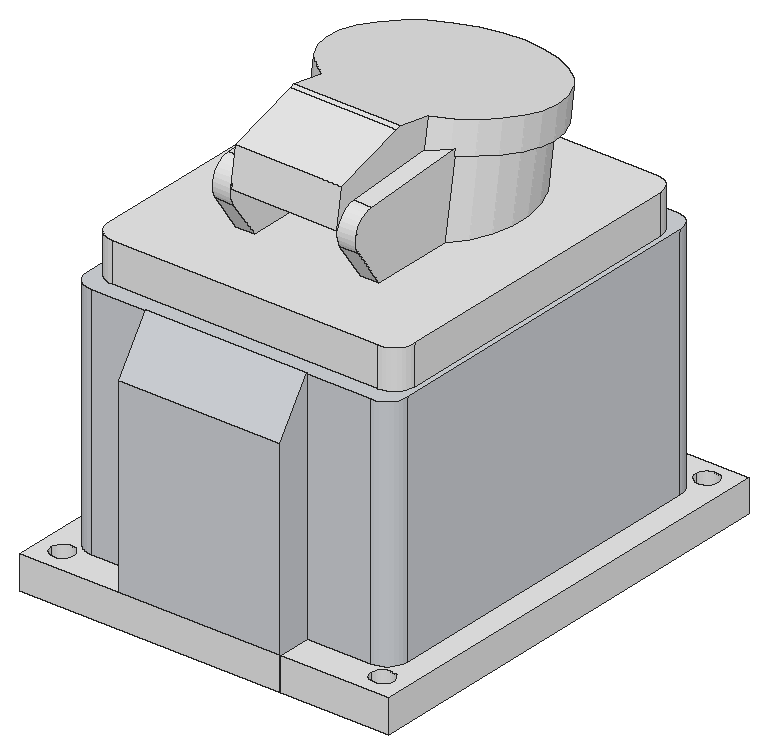
Revit family "Building-IEC309Connections-GEWISS-IEC309HP-10°_SURFACE-MOUNT_SOCKET_16A_IP44", category Apparecchi elettrici, host Superficie, Revit 2019
Family settings
  Host = Superficie
  Mantenere orientamento annotazione = Sì
  Quota connettore circolare = Usa diametro
  Tipo di parte = Normale
  Taglio con vuoti quando caricato = No
  Condiviso = Sì
  Punto di calcolo locali = Sì
Parameters (values of type "GW62411 - IP44 10°W.RECEPTACLE 3P+N+T 16A 500V 7H")
  simbolo acceso [instance] = yes
  distanza_simbolo [instance] = 1 mm
  distanza dal piano [instance] = 0 mm
  W = 115 mm  # constant formula
  Version file RFA = "21.11"
  URL = "https://www.gewiss.com/ww/en"
  Typology = "10° angled surface-mounting socket-outlet"
  Type of wiring = "With screw"
  Total number of operations = "-5000"
  Thermo-pressure with ball = "125 °C (active parts) - 80 °C (passive parts)"
  Terminal tightening capacity = "1-2.5mm² flexible cables - 1.5-4mm² rigid cables"
  Technical sheet = "https://www.gewiss.com/ww/en/search?q=GW62411"
  Spostamento_effettivo_S [instance] = 4000 mm - Spostamento_S  # 3045 mm
  Spostamento_S = 955 mm
  Sportello_visibile = yes
  Shock resistance = "IK08"
  SPinotto = Default(2)
  SEO = "Socket outlet"
  Reference h = "7"
  Realized by GEWISS S.p.A. = ""
  Rated voltage = "480-500V"
  Rated current (A) = "16"
  Prospetto di default = 500 mm
  Produttore = "GEWISS S.p.A."
  Product in stock = ""
  Piastra = Default(2)
  Permissible overload = "22A"
  Operating temperature: = "-25 +55 °C"
  No. of poles = "3P+N+E"
  Model = "GW62411"
  L = 155 mm  # constant formula
  Insulation resistance = "- 10 M?"
  Immagine tipo = (empty or 0)
  IP degree = "IP44"
  IDT = "4994872c73b647d6b63d7e176105fff7"
  IDF = "3e295d74-338a-4312-b8a9-e00a704bd311"
  Glow wire test: = "850 °C (active parts) - 650 °C (passive parts)"
  Frequency = "50/60 Hz"
  FORMULA = 1000 mm * 1  # 1000 mm
  Electrocod = "2210"
  Description = "IP44 10°W.RECEPTACLE 3P+N+T 16A 500V 7H"
  Corpo centrale = Default(2)
  Colour: = "Black"
  Catalogue = "BUILDING"
  COBie.Tagnumber = ""
  COBie.CreatedOn = ""
  COBie.CreatebBy = ""
  COBie.ComponentRegisterItemID = ""
  COBie.Component.TagNumber = ""
  COBie.Component.Space = ""
  COBie.Component.SerialNumber = ""
  COBie.Component.InstallationDate = ""
  COBie.Component.Description = ""
  COBie.Component.BarCode = ""
  Breaking capacity at 1.1 Un = "20A"
  BLOCCO = "B=C"
Types (11, lengths in mm): name | Technical sheet | Reference h | Rated voltage | No. of poles | Model | IDT | Description | Colour:
  GW62401 - IP44 10°W.RECEPTACLE 2P+E 16A 110V 4H | "https://www.gewiss.com/ww/en/search?q=GW62401" | "4" | "100-130V" | "2P+E" | "GW62401" | "86208a5794e94e45a0468e3bd109d276" | "IP44 10°W.RECEPTACLE 2P+E 16A 110V 4H" | "Yellow"
  GW62402 - IP44 10°W.RECEPTACLE 3P+E 16A 110V 4H | "https://www.gewiss.com/ww/en/search?q=GW62402" | "4" | "100-130V" | "3P+E" | "GW62402" | "c0e2a9c9053f4e84af5a04eb8d4a2c8f" | "IP44 10°W.RECEPTACLE 3P+E 16A 110V 4H" | "Yellow"
  GW62403 - IP44 10°W.RECEPTACLE 3P+N+T 16A 110V 4H | "https://www.gewiss.com/ww/en/search?q=GW62403" | "4" | "100-130V" | "3P+N+E" | "GW62403" | "8e9e4aadc91c423ca6ceccfcf7413ab7" | "IP44 10°W.RECEPTACLE 3P+N+T 16A 110V 4H" | "Yellow"
  GW62404 - IP44 10°W.RECEPTACLE 2P+E 16A 230V 6H | "https://www.gewiss.com/ww/en/search?q=GW62404" | "6" | "200-250V" | "2P+E" | "GW62404" | "31fff9859b0b4673b483d534e0512733" | "IP44 10°W.RECEPTACLE 2P+E 16A 230V 6H" | "Blue"
  GW62405 - IP44 10°W.RECEPTACLE 3P+E 16A 230V 9H | "https://www.gewiss.com/ww/en/search?q=GW62405" | "9" | "200-250V" | "3P+E" | "GW62405" | "237f3949ff2f4600bcab06e1501f1031" | "IP44 10°W.RECEPTACLE 3P+E 16A 230V 9H" | "Blue"
  GW62406 - IP44 10°W.RECEPTACLE 3P+N+T 16A 230V 9H | "https://www.gewiss.com/ww/en/search?q=GW62406" | "9" | "200-250V" | "3P+N+E" | "GW62406" | "8a1674b136974a89907e8411e43c87d4" | "IP44 10°W.RECEPTACLE 3P+N+T 16A 230V 9H" | "Blue"
  GW62407 - IP44 10°W.RECEPTACLE 2P+E 16A 400V 9H | "https://www.gewiss.com/ww/en/search?q=GW62407" | "9" | "380-415V" | "2P+E" | "GW62407" | "11ee939fb2864e099107bfe0e2055174" | "IP44 10°W.RECEPTACLE 2P+E 16A 400V 9H" | "Red"
  GW62408 - IP44 10°W.RECEPTACLE 3P+E 16A 400V 6H | "https://www.gewiss.com/ww/en/search?q=GW62408" | "6" | "380-415V" | "3P+E" | "GW62408" | "9aedd314a0e34737a79632861d7dfd17" | "IP44 10°W.RECEPTACLE 3P+E 16A 400V 6H" | "Red"
  GW62409 - IP44 10°W.RECEPTACLE 3P+N+T 16A 400V 6H | "https://www.gewiss.com/ww/en/search?q=GW62409" | "6" | "380-415V" | "3P+N+E" | "GW62409" | "7569dded3ef94b87895b7e0d1793845f" | "IP44 10°W.RECEPTACLE 3P+N+T 16A 400V 6H" | "Red"
  GW62410 - IP44 10°W.RECEPTACLE 3P+E 16A 500V 7H | "https://www.gewiss.com/ww/en/search?q=GW62410" | "7" | "480-500V" | "3P+E" | "GW62410" | "5e119e22496844af820952af63a865de" | "IP44 10°W.RECEPTACLE 3P+E 16A 500V 7H" | "Black"
  GW62411 - IP44 10°W.RECEPTACLE 3P+N+T 16A 500V 7H | "https://www.gewiss.com/ww/en/search?q=GW62411" | "7" | "480-500V" | "3P+N+E" | "GW62411" | "4994872c73b647d6b63d7e176105fff7" | "IP44 10°W.RECEPTACLE 3P+N+T 16A 500V 7H" | "Black"
Reference planes
  plane 1 "Centro (Fronte/Retro)": y = 0
  plane 2: z = 0
  plane 3 "Centro (Sinistra/Destra)": x = 0
  plane 4: x = -3000
  plane 5: x = 45
  plane 6: z = 0
Dimensions and locks
  plane 4 to plane 3 "Centro (Sinistra/Destra)" = 3000 mm
  "Spostamento_effettivo_S": plane 4 to plane 5
  "distanza dal piano": plane 6 to plane 2
  aligned and locked: plane 2 to host face
  aligned and locked: level to host face
  aligned and locked: plane 3 "Centro (Sinistra/Destra)" to nested 1
  aligned and locked: plane 1 "Centro (Fronte/Retro)" to nested 1
  aligned and locked: nested 2 to plane 5
Automatic sketch dimensions
  host sketch curve to host sketch curve = 2438.4 mm  (x2)
Nested families
  nested 1: "IEC309 PRESE FISSE INCASSO 10' 125A IP66-67_BASE" at (0, 0, 0), type "IEC309 PRESE FISSE INCASSO 10' 125A IP66-67_BASE"
  nested 2: "GWGW62201FH - SIMBOLO_PRESA" at (45, 171.559, 0), visible <- "simbolo acceso", Distanza dal muro <- "distanza_simbolo", type "3P"
    with SIMBOLO ACCESO yes, Distanza dal muro 1 mm
  nested 3: "dett_PRESA" at (0, 0, 0), type "dett_PRESA"
Connectors
  electrical at (37.5, 30, 0)
    settings: on nested 1, index 1, voltage 0 V, apparent load 0 VA, apparent load phase1 0 VA, apparent load phase2 0 VA, apparent load phase3 0 VA, power factor 1, load classification "Altro", number of poles 1, system type 31, power factor state 1, is connector primary yes, connector utility no, sub classification motor no, connector description ""
Definition of nested family "IEC309 PRESE FISSE INCASSO 10' 125A IP66-67_BASE"
  Parameters (values of type "IEC309 PRESE FISSE INCASSO 10' 125A IP66-67_BASE")
    sp_ghiera = 16 mm
    r2 = 39 mm
    h = 110 mm  # constant formula
    dis_base = 71 mm
    Sportello = yes
    Spinotto = none
    R1 = 42 mm
    PIASTRA = none
    Lunghezza totale = 140 mm
    CENTRALE = none
    Bsae = 90 mm  # constant formula
  Reference planes
    plane 1 "Centro (Fronte/Retro)": y = 0
    plane 2: z = 0
    plane 3 "Centro (Sinistra/Destra)": x = 0
    plane 4: x = 90
    plane 5: y = 110
    plane 6: x = 45
    plane 7: y = 104.875
    plane 8: y = 5.75
    plane 9: x = 5.75
    plane 10: x = 84
    plane 11: z = 8
    plane 12: y = 101.673
    plane 13: y = 8.334
    plane 14: z = 66
    plane 15: x = 7.498
    plane 16: y = 97.488
    plane 17: x = 82.498
    plane 18: y = 12.508
    plane 19: z = 75.463
    plane 20: x = 27.511
    plane 21: x = 32.023
    plane 22: x = 62.489
    plane 23: x = 57.977
  Forms (mm)
    Extrusion 1, solid, material <- "PIASTRA"
      sketch origin (0, 0, 0) x (1, 0, 0) y (0, 1, 0)
        loop
          line (0, 110) -> (0, 0) -> (90, 0) -> (90, 110) -> (0, 110)
      from 0 to 8
    Extrusion 2, void
      sketch origin (0, 0, 0) x (1, 0, 0) y (0, 1, 0)
        loop
          circle (5.75, 104.875) r 2.8
        loop
          circle (84, 104.875) r 2.8
        loop
          circle (5.75, 5.75) r 2.8
        loop
          circle (84, 5.75) r 2.8
      from 0 to 8
    Extrusion 3, solid
      sketch origin (0, 0, 0) x (1, 0, 0) y (0, 1, 0)
        loop
          line (5.75, 96.673) -> (5.75, 13.334)
          arc (5.75, 13.334) -> (7.214, 9.799) -> (10.75, 8.334) r 5
          line (10.75, 8.334) -> (79, 8.334)
          arc (79, 8.334) -> (82.536, 9.799) -> (84, 13.334) r 5
          line (84, 13.334) -> (84, 96.673)
          arc (84, 96.673) -> (82.536, 100.208) -> (79, 101.673) r 5
          line (79, 101.673) -> (10.75, 101.673)
          arc (10.75, 101.673) -> (7.214, 100.208) -> (5.75, 96.673) r 5
      from 8 to 66
    Extrusion 4, solid, material <- "PIASTRA"
      sketch origin (0, 0, 0) x (1, 0, 0) y (0, 1, 0)
        loop
          arc (12.498, 97.488) -> (8.962, 96.024) -> (7.498, 92.488) r 5
          line (7.498, 92.488) -> (7.498, 17.508)
          arc (7.498, 17.508) -> (8.962, 13.972) -> (12.498, 12.508) r 5
          line (12.498, 12.508) -> (77.498, 12.508)
          arc (77.498, 12.508) -> (81.033, 13.972) -> (82.498, 17.508) r 5
          line (82.498, 17.508) -> (82.498, 92.488)
          arc (82.498, 92.488) -> (81.033, 96.024) -> (77.498, 97.488) r 5
          line (77.498, 97.488) -> (12.498, 97.488)
      from 66 to 75.463
    Extrusion 5, solid
      sketch origin (0, 0, 0) x (0, 1, 0) y (0, 0, 1)
        loop
          line (0, 0) -> (8.334, 0) -> (8.334, 66.241) -> (0, 54.405) -> (0, 0)
      from 24.059 to 63.428
    Extrusion 6, solid
      sketch origin (0, 110, 0) x (0, -1, 0) y (0, 0, -1)
        loop
          line (0, 0) -> (0, -54.405) -> (8.334, -66.241) -> (8.334, 0) -> (0, 0)
      from 24.059 to 63.428
    Sweep 7, solid, material <- "PIASTRA"
      path origin (0, 0, 0) x (0, 1, 0) y (0, 0, 1)
        loop
          line (73.263, 97.736) -> (71.948, 90.281)
      profile origin (0, 72.606, 94.008) x (0, 0.984808, -0.173648) y (1, 0, 0)
        loop
          circle (0, 45) r 25
    Extrusion 8, solid, material <- "PIASTRA"
      sketch origin (0, 0, 0) x (0, 1, 0) y (0, 0, 1)
        loop
          line (25.806, 97.501) -> (24.369, 88.419)
          arc (24.369, 88.419) -> (26.054, 91.556) -> (29.326, 92.962) r 5.4
          line (29.326, 92.962) -> (51.956, 94.556) -> (53.142, 101.284) -> (43.676, 102.953)
          arc (43.676, 102.953) -> (43.104, 102.789) -> (42.534, 102.618) r 55
          line (42.534, 102.618) -> (25.806, 97.501)
      from 32.023 to 57.977
    Extrusion 9, solid, material <- "PIASTRA"
      sketch origin (0, 0, 0) x (0, 1, 0) y (0, 0, 1)
        loop
          line (55.25, 94.789) -> (29.326, 92.962)
          arc (29.326, 92.962) -> (24.829, 89.9) -> (25.28, 84.478) r 5.4
          line (25.28, 84.478) -> (31.592, 75.463) -> (51.843, 75.463) -> (55.25, 94.789)
      from 27.511 to 32.023
    Sweep 10, solid, material <- "PIASTRA"
      path origin (0, -2.627, 0.463) x (0, 1, 0) y (0, 0, 1)
        loop
          line (72.741, 90.141) -> (68.824, 67.926)
      profile origin (0, 68.156, 79.497) x (0, 0.984808, -0.173648) y (1, 0, 0)
        loop
          circle (0, 45) r 23.5
    Extrusion 11, solid, material <- "PIASTRA"
      sketch origin (90, 0, 0) x (0, 1, 0) y (0, 0, -1)
        loop
          line (55.25, -94.789) -> (51.843, -75.463) -> (31.592, -75.463) -> (25.28, -84.478)
          arc (25.28, -84.478) -> (24.829, -89.9) -> (29.326, -92.962) r 5.4
          line (29.326, -92.962) -> (55.25, -94.789)
      from 27.511 to 32.023
  Cuts and joins
    Extrusion 2 cuts Extrusion 1
    joined: Extrusion 4, Sweep 7, Extrusion 8, Extrusion 9, Sweep 10, Extrusion 11
  Dimensions and locks
    plane 3 "Centro (Sinistra/Destra)" to plane 4 = 90 mm
    plane 1 "Centro (Fronte/Retro)" to plane 5 = 110 mm
    equal spacing: plane 3 "Centro (Sinistra/Destra)", plane 6, plane 4
    locked: plane 3 "Centro (Sinistra/Destra)" to plane 9 at 5.75
    locked: plane 10 to plane 4 at 6
    locked: plane 1 "Centro (Fronte/Retro)" to plane 8 at 5.75
    locked: plane 5 to plane 7 at 5.125
    locked: plane 11 to level at 8
    "Bsae": plane 3 "Centro (Sinistra/Destra)" to plane 4
    "h": plane 1 "Centro (Fronte/Retro)" to plane 5
    locked: plane 12 to plane 7 at 3.202
    locked: plane 8 to plane 13 at 2.584
    locked: plane 14 to plane 11 at 58
    diameter of cut or joined group of Extrusion 1, Extrusion 2 = 5.6 mm
    radius of Extrusion 3 sketch curve = 5 mm  (x3)
    radius of Extrusion 4 sketch curve = 5 mm  (x3)
    radius of Sweep 10 sketch curve = 23.5 mm
    aligned and locked: level to plane 2
    aligned and locked: Extrusion 1 sketch curve to plane 3 "Centro (Sinistra/Destra)"
    aligned and locked: Extrusion 1 sketch curve to plane 5
    aligned and locked: Extrusion 1 sketch curve to plane 4
    aligned and locked: Extrusion 1 sketch curve to plane 1 "Centro (Fronte/Retro)"
    aligned and locked: plane 11 to Extrusion 1
    aligned and locked: plane 9 to Extrusion 2 sketch curve  (x2)
    aligned and locked: plane 7 to Extrusion 2 sketch curve  (x2)
    aligned and locked: plane 10 to Extrusion 2 sketch curve  (x2)
    aligned and locked: plane 8 to Extrusion 2 sketch curve  (x2)
    aligned and locked: cut or joined group of Extrusion 1, Extrusion 2 to level
    aligned and locked: Extrusion 1 to Extrusion 2
    aligned and locked: Extrusion 3 sketch curve to plane 9
    aligned and locked: Extrusion 3 sketch curve to plane 10
    aligned and locked: Extrusion 3 sketch curve to plane 13
    aligned and locked: plane 12 to Extrusion 3 sketch curve
    aligned and locked: plane 14 to Extrusion 3
    aligned and locked: Extrusion 3 to plane 11
    aligned and locked: Extrusion 4 sketch curve to plane 16
    aligned and locked: Extrusion 4 sketch curve to plane 15
    aligned and locked: Extrusion 4 sketch curve to plane 17
    aligned and locked: Extrusion 4 sketch curve to plane 18
    aligned and locked: Extrusion 4 to plane 14
    aligned and locked: Extrusion 5 sketch curve to plane 1 "Centro (Fronte/Retro)"
    aligned and locked: Extrusion 5 sketch curve to plane 13
    aligned and locked: Extrusion 4 to plane 19
    aligned and locked: plane 6 to Sweep 7 sketch curve
    aligned and locked: Extrusion 9 sketch curve to plane 19
    aligned and locked: Extrusion 9 to plane 20
    aligned and locked: plane 21 to Extrusion 9
    aligned and locked: plane 6 to Sweep 10 sketch curve
    aligned and locked: cut or joined group of Extrusion 4, Sweep 7, Extrusion 8, Extrusion 9, Sweep 10, Extrusion 11 to plane 23
    aligned and locked: Extrusion 11 to plane 23
    aligned and locked: Extrusion 11 to plane 22
  Automatic sketch dimensions
    plane 15 to Extrusion 3 sketch curve = 3.252 mm
    plane 15 to Extrusion 4 sketch curve = 5 mm
    Extrusion 5 sketch curve to level = 0 mm
    Extrusion 5 sketch curve to plane 14 = 11.595 mm
    plane 14 to Extrusion 5 sketch curve = 0.241 mm
    Extrusion 6 sketch curve to plane 5 = 0 mm
    Extrusion 6 sketch curve to level = 0 mm
    Extrusion 6 sketch curve to plane 12 = 0.007 mm
    plane 14 to Extrusion 6 sketch curve = 11.595 mm
    Extrusion 6 sketch curve to plane 14 = 0.241 mm
    Sweep 7 sketch curve to plane 16 = 25.54 mm
    Sweep 7 sketch curve to plane 19 = 14.817 mm
    Sweep 7 sketch curve to Sweep 7 sketch curve = 1.315 mm
    Sweep 7 sketch curve to Sweep 7 sketch curve = 7.456 mm
    Sweep 7 sketch curve to profile plane = 0 mm
    Extrusion 8 sketch curve to plane 18 = 13.298 mm
    Extrusion 8 sketch curve to Extrusion 8 sketch curve = 3.521 mm
    Extrusion 8 sketch curve to Extrusion 8 sketch curve = 0.377 mm
    Extrusion 8 sketch curve to Extrusion 8 sketch curve = 14.349 mm
    Extrusion 8 sketch curve to plane 19 = 19.093 mm
    Extrusion 8 sketch curve to Extrusion 8 sketch curve = 8.28 mm
    Extrusion 8 sketch curve to Extrusion 8 sketch curve = 1.186 mm
    Extrusion 8 sketch curve to plane 14 = 15.977 mm
    Extrusion 8 sketch curve to plane 16 = 38.866 mm
    Extrusion 8 sketch curve to plane 19 = 12.112 mm
    Extrusion 8 sketch curve to Extrusion 8 sketch curve = 5.387 mm
    Extrusion 8 sketch curve to Extrusion 8 sketch curve = 4.539 mm
    Extrusion 8 sketch curve to Extrusion 8 sketch curve = 6.728 mm
    Extrusion 8 sketch curve to Extrusion 8 sketch curve = 1.669 mm
    Extrusion 8 sketch curve to Extrusion 8 sketch curve = 5.334 mm
    Extrusion 8 sketch curve to Extrusion 8 sketch curve = 0 mm  (x4)
    Extrusion 8 sketch curve to Extrusion 8 sketch curve = 1.142 mm
    Extrusion 9 sketch curve to plane 18 = 12.772 mm
    Extrusion 9 sketch curve to Extrusion 9 sketch curve = 4.047 mm
    Extrusion 9 sketch curve to Extrusion 9 sketch curve = 0.377 mm
    Extrusion 9 sketch curve to Extrusion 9 sketch curve = 6.312 mm
    Extrusion 9 sketch curve to Extrusion 9 sketch curve = 20.251 mm
    Extrusion 9 sketch curve to Extrusion 9 sketch curve = 25.924 mm
    Extrusion 9 sketch curve to plane 19 = 9.015 mm
    Extrusion 9 sketch curve to Extrusion 9 sketch curve = 3.097 mm
    Extrusion 9 sketch curve to Extrusion 9 sketch curve = 1.826 mm
    plane 14 to Sweep 10 sketch curve = 2.39 mm
    Sweep 10 sketch curve to plane 16 = 31.291 mm
    Sweep 10 sketch curve to Sweep 10 sketch curve = 3.917 mm
    Sweep 10 sketch curve to plane 19 = 15.141 mm
    Sweep 10 sketch curve to profile plane = 0 mm
    plane 19 to Extrusion 11 sketch curve = 0 mm
    Extrusion 11 sketch curve to plane 18 = 12.772 mm
    Extrusion 11 sketch curve to Extrusion 11 sketch curve = 4.047 mm
    Extrusion 11 sketch curve to Extrusion 11 sketch curve = 4.423 mm
    Extrusion 11 sketch curve to Extrusion 11 sketch curve = 6.312 mm
    Extrusion 11 sketch curve to Extrusion 11 sketch curve = 20.251 mm
    Extrusion 11 sketch curve to Extrusion 11 sketch curve = 25.924 mm
    Extrusion 11 sketch curve to plane 19 = 9.015 mm
    Extrusion 11 sketch curve to Extrusion 11 sketch curve = 3.097 mm
    Extrusion 11 sketch curve to Extrusion 11 sketch curve = 1.826 mm
    radius of Extrusion 2 sketch curve = 2.8 mm  (x4)
    radius of Sweep 7 sketch curve = 25 mm
Definition of nested family "GWGW62201FH - SIMBOLO_PRESA"
  Parameters (values of type "3P")
    SIMBOLO ACCESO [instance] = yes
    Distanza dal muro [instance] = 0 mm
  Reference planes
    plane 1: y = 0
    plane 2: x = 0
  Dimensions and locks
    "Distanza dal muro": plane 1 to nested 1
    aligned and locked: plane 2 to nested 1
  Nested families
    nested 1: "GWGW62201FH - SIMBOLO" at (0, 0, 0), visible <- "SIMBOLO ACCESO", type "3P"
  Definition of nested family "GWGW62201FH - SIMBOLO"
    Parameters (values of type "3P")
      CORNICE SIMBOLO [instance] = yes
      3P = yes
    Reference planes
      plane 1: y = 0
      plane 2: x = 0
    Lines and regions (mm)
      detail lines
        curve 1: circle (-0.314, 0.674, 0) r 0.057 normal (0, 0, 1)
        curve 2: arc (0.346, -0.009, 0) -> (0, 0.337, 0) -> (-0.346, -0.009, 0) r 0.346
        curve 3: line (0, 0.337, 0) -> (0.346, 0.337, 0)
        curve 4: line (0, 3.386, 0) -> (0, 0.337, 0)
        curve 5: line (0, 0.337, 0) -> (-0.314, 0.674, 0)
Definition of nested family "dett_PRESA"
  Reference planes
    plane 1 "Centro (Fronte/Retro)": y = 0
    plane 2: z = 0
    plane 3 "Centro (Sinistra/Destra)": x = 0
  Lines and regions (mm)
    model lines, in view "Livello rif."
      curve 1: arc (61.498, 61.665, 0) -> (44.998, 67.722, 0) -> (28.498, 61.665, 0) r 25.502
      curve 2: spline (28.472, 62.844, 0) -> (27.012, 61.491, 0) -> (25.665, 60.027, 0) -> (24.441, 58.464, 0) -> (23.348, 56.809, 0) -> (22.391, 55.074, 0) -> (21.577, 53.269, 0) -> (20.912, 51.407, 0) -> (20.399, 49.498, 0) -> (20.042, 47.555, 0) -> (19.843, 45.59, 0) -> (19.803, 43.616, 0) -> (19.922, 41.645, 0)
      curve 3: spline (70.073, 41.643, 0) -> (70.193, 43.614, 0) -> (70.153, 45.589, 0) -> (69.954, 47.554, 0) -> (69.596, 49.497, 0) -> (69.084, 51.405, 0) -> (68.418, 53.268, 0) -> (67.605, 55.073, 0) -> (66.648, 56.808, 0) -> (65.554, 58.463, 0) -> (64.33, 60.027, 0) -> (62.984, 61.49, 0) -> (61.524, 62.844, 0)
      curve 4: spline (29.494, 84.757, 0) -> (29.364, 84.748, 0) -> (29.236, 84.722, 0) -> (29.112, 84.679, 0) -> (28.995, 84.62, 0) -> (28.887, 84.546, 0) -> (28.789, 84.458, 0) -> (28.703, 84.357, 0) -> (28.631, 84.246, 0) -> (28.573, 84.126, 0) -> (28.531, 83.999, 0) -> (28.506, 83.868, 0) -> (28.498, 83.735, 0)
      curve 5: line (28.876, 69.625, 0) -> (28.587, 69.709, 0)
      curve 6: line (28.979, 69.618, 0) -> (28.587, 69.709, 0)
      curve 7: line (61.018, 69.624, 0) -> (28.979, 69.618, 0)
      curve 8: line (61.121, 69.63, 0) -> (61.409, 69.714, 0)
      curve 9: line (61.018, 69.624, 0) -> (61.409, 69.714, 0)
      curve 10: spline (61.498, 83.735, 0) -> (61.489, 83.868, 0) -> (61.464, 84, 0) -> (61.422, 84.126, 0) -> (61.364, 84.246, 0) -> (61.292, 84.357, 0) -> (61.206, 84.458, 0) -> (61.108, 84.546, 0) -> (60.999, 84.62, 0) -> (60.882, 84.679, 0) -> (60.759, 84.722, 0) -> (60.631, 84.748, 0) -> (60.501, 84.757, 0)
      curve 11: spline (64.653, 42.492, 0) -> (63.983, 47.502, 0) -> (62.019, 52.17, 0) -> (58.896, 56.179, 0) -> (54.825, 59.255, 0) -> (50.085, 61.189, 0) -> (44.998, 61.849, 0) -> (39.91, 61.189, 0) -> (35.17, 59.255, 0) -> (31.099, 56.179, 0) -> (27.976, 52.17, 0) -> (26.012, 47.502, 0) -> (25.342, 42.492, 0) -> (26.012, 37.482, 0) -> (27.976, 32.814, 0) -> (31.099, 28.805, 0) -> (35.17, 25.729, 0) -> (39.91, 23.795, 0) -> (44.998, 23.136, 0) -> (50.085, 23.795, 0) -> (54.825, 25.729, 0) -> (58.896, 28.805, 0) -> (62.019, 32.814, 0) -> (63.983, 37.482, 0) -> (64.653, 42.492, 0)
      curve 12: arc (20.049, 40.392, 0) -> (21.05, 35.597, 0) -> (22.987, 31.099, 0) r 24.445
      curve 13: arc (22.986, 31.098, 0) -> (25.45, 27.464, 0) -> (28.516, 24.321, 0) r 24.781
      curve 14: arc (28.639, 24.166, 0) -> (28.807, 23.841, 0) -> (28.981, 23.52, 0) r 16.754
      curve 15: line (61.015, 23.522, 0) -> (28.981, 23.52, 0)
      curve 16: arc (61.015, 23.522, 0) -> (61.191, 23.845, 0) -> (61.359, 24.172, 0) r 16.754
      curve 17: arc (61.476, 24.318, 0) -> (61.411, 24.251, 0) -> (61.359, 24.172, 0) r 0.504
      curve 18: spline (61.476, 24.318, 0) -> (62.628, 25.372, 0) -> (63.712, 26.495, 0) -> (64.721, 27.682, 0) -> (65.653, 28.929, 0) -> (66.505, 30.232, 0) -> (67.271, 31.584, 0) -> (67.95, 32.981, 0) -> (68.539, 34.418, 0) -> (69.035, 35.887, 0) -> (69.437, 37.385, 0) -> (69.743, 38.904, 0) -> (69.951, 40.44, 0)
      curve 19: arc (28.17, 65.632, 0) -> (28.412, 65.967, 0) -> (28.498, 66.372, 0) r 0.999
      curve 20: spline (28.17, 65.632, 0) -> (26.951, 64.427, 0) -> (25.816, 63.141, 0) -> (24.77, 61.779, 0) -> (23.817, 60.348, 0) -> (22.963, 58.854, 0) -> (22.21, 57.304, 0) -> (21.564, 55.706, 0) -> (21.025, 54.067, 0) -> (20.598, 52.394, 0) -> (20.284, 50.695, 0) -> (20.085, 48.978, 0) -> (20.001, 47.252, 0)
      curve 21: spline (69.995, 47.252, 0) -> (69.91, 48.98, 0) -> (69.71, 50.698, 0) -> (69.396, 52.398, 0) -> (68.968, 54.072, 0) -> (68.429, 55.713, 0) -> (67.781, 57.312, 0) -> (67.028, 58.862, 0) -> (66.172, 60.357, 0) -> (65.218, 61.789, 0) -> (64.171, 63.152, 0) -> (63.034, 64.438, 0) -> (61.813, 65.643, 0)
      curve 22: arc (61.498, 66.372, 0) -> (61.58, 65.975, 0) -> (61.813, 65.643, 0) r 0.999
      curve 23: line (61.498, 61.665, 0) -> (61.498, 68.351, 0)
      curve 24: line (61.498, 68.351, 0) -> (61.498, 80.428, 0)
      curve 25: line (61.498, 80.276, 0) -> (61.498, 80.569, 0)
      curve 26: line (61.498, 80.569, 0) -> (61.498, 80.795, 0)
      curve 27: line (28.498, 83.735, 0) -> (28.498, 68.351, 0)
      curve 28: line (28.498, 68.351, 0) -> (28.498, 61.665, 0)
      curve 29: line (29.494, 84.757, 0) -> (32.148, 84.757, 0)
      curve 30: line (32.148, 84.757, 0) -> (32.657, 84.757, 0)
      curve 31: line (32.657, 84.757, 0) -> (57.339, 84.757, 0)
      curve 32: line (57.339, 84.757, 0) -> (57.848, 84.757, 0)
      curve 33: line (57.848, 84.757, 0) -> (60.501, 84.757, 0)
      curve 34: line (61.498, 82.213, 0) -> (61.498, 82.398, 0)
      curve 35: line (61.498, 82.398, 0) -> (61.498, 82.213, 0)
      curve 36: line (61.498, 82.213, 0) -> (61.498, 81.899, 0)
      curve 37: line (61.498, 81.899, 0) -> (61.498, 81.627, 0)
      curve 38: line (61.498, 81.476, 0) -> (61.498, 81.192, 0)
      curve 39: line (61.498, 81.192, 0) -> (61.498, 80.975, 0)
      curve 40: line (61.498, 80.975, 0) -> (61.498, 80.697, 0)
      curve 41: line (61.498, 80.657, 0) -> (61.498, 83.228, 0)
      curve 42: line (61.498, 83.228, 0) -> (61.498, 83.735, 0)
      curve 43: line (20.049, 40.392, 0) -> (19.922, 41.645, 0)
      curve 44: line (61.498, 81.281, 0) -> (61.498, 81.108, 0)
      curve 45: arc (74.574, 12.532, 0) -> (80.179, 14.903, 0) -> (82.494, 20.531, 0) r 8
      curve 46: arc (7.494, 20.531, 0) -> (9.81, 14.902, 0) -> (15.416, 12.532, 0) r 8
      curve 47: circle (74.998, 85.179, 0) r 2.09 normal (0, 0, 1)
      curve 48: circle (14.998, 85.179, 0) r 2.072 normal (0, 0, 1)
      curve 49: circle (14.998, 25.171, 0) r 2.068 normal (0, 0, 1)
      curve 50: circle (74.997, 25.171, 0) r 2.075 normal (0, 0, 1)
      curve 51: line (59.998, 32.071, 0) -> (59.498, 31.571, 0)
      curve 52: spline (30.498, 31.571, 0) -> (32.868, 31.466, 0) -> (35.264, 31.379, 0) -> (37.679, 31.312, 0) -> (40.11, 31.264, 0) -> (42.551, 31.235, 0) -> (44.998, 31.225, 0) -> (47.444, 31.235, 0) -> (49.885, 31.264, 0) -> (52.316, 31.312, 0) -> (54.731, 31.379, 0) -> (57.127, 31.466, 0) -> (59.498, 31.571, 0)
      curve 53: line (30.498, 31.571, 0) -> (29.998, 32.071, 0)
      curve 54: spline (59.498, 31.582, 0) -> (59.563, 31.589, 0) -> (59.627, 31.603, 0) -> (59.689, 31.626, 0) -> (59.748, 31.656, 0) -> (59.802, 31.693, 0) -> (59.851, 31.736, 0) -> (59.894, 31.785, 0) -> (59.931, 31.838, 0) -> (59.96, 31.895, 0) -> (59.981, 31.955, 0) -> (59.993, 32.017, 0) -> (59.998, 32.08, 0)
      curve 55: spline (29.998, 32.08, 0) -> (30.002, 32.017, 0) -> (30.015, 31.955, 0) -> (30.036, 31.895, 0) -> (30.065, 31.838, 0) -> (30.101, 31.785, 0) -> (30.144, 31.736, 0) -> (30.193, 31.693, 0) -> (30.248, 31.656, 0) -> (30.306, 31.626, 0) -> (30.368, 31.603, 0) -> (30.432, 31.589, 0) -> (30.498, 31.582, 0)
      curve 56: line (29.998, 52.752, 0) -> (30.493, 53.235, 0)
      curve 57: spline (30.493, 53.235, 0) -> (32.864, 53.13, 0) -> (35.26, 53.044, 0) -> (37.677, 52.976, 0) -> (40.109, 52.928, 0) -> (42.551, 52.899, 0) -> (44.998, 52.889, 0) -> (47.445, 52.899, 0) -> (49.886, 52.928, 0) -> (52.318, 52.976, 0) -> (54.735, 53.044, 0) -> (57.131, 53.13, 0) -> (59.502, 53.235, 0)
      curve 58: line (59.502, 53.235, 0) -> (59.998, 52.752, 0)
      curve 59: arc (15.498, 97.488, 0) -> (9.841, 95.145, 0) -> (7.498, 89.488, 0) r 8
      curve 60: line (66.439, 8.334, 0) -> (66.439, 0, 0)
      curve 61: line (34.35, 6.789, 0) -> (34.35, 1.545, 0)
      curve 62: line (34.35, 1.545, 0) -> (55.638, 1.545, 0)
      curve 63: line (55.638, 1.545, 0) -> (55.638, 6.789, 0)
      curve 64: line (55.638, 6.789, 0) -> (34.35, 6.789, 0)
      curve 65: line (23.549, 0, 0) -> (23.549, 8.334, 0)
      curve 66: line (8.433, 5.861, 0) -> (8.228, 6.995, 0)
      curve 67: line (8.228, 6.995, 0) -> (7.611, 7.923, 0)
      curve 68: line (7.611, 7.923, 0) -> (6.683, 8.54, 0)
      curve 69: line (6.683, 8.54, 0) -> (5.549, 8.745, 0)
      curve 70: line (5.549, 8.745, 0) -> (4.521, 8.54, 0)
      curve 71: line (4.521, 8.54, 0) -> (3.593, 7.923, 0)
      curve 72: line (3.593, 7.923, 0) -> (2.976, 6.995, 0)
      curve 73: line (2.976, 6.995, 0) -> (2.778, 5.861, 0)
      curve 74: line (2.778, 5.861, 0) -> (2.976, 4.833, 0)
      curve 75: line (2.976, 4.833, 0) -> (3.593, 3.912, 0)
      curve 76: line (3.593, 3.912, 0) -> (4.521, 3.295, 0)
      curve 77: line (4.521, 3.295, 0) -> (5.549, 3.083, 0)
      curve 78: line (5.549, 3.083, 0) -> (6.683, 3.295, 0)
      curve 79: line (6.683, 3.295, 0) -> (7.611, 3.912, 0)
      curve 80: line (7.611, 3.912, 0) -> (8.228, 4.833, 0)
      curve 81: line (8.228, 4.833, 0) -> (8.433, 5.861, 0)
      curve 82: line (87.217, 5.861, 0) -> (87.012, 4.833, 0)
      curve 83: line (87.012, 4.833, 0) -> (86.395, 3.912, 0)
      curve 84: line (86.395, 3.912, 0) -> (85.466, 3.295, 0)
      curve 85: line (85.466, 3.295, 0) -> (84.44, 3.083, 0)
      curve 86: line (84.44, 3.083, 0) -> (83.306, 3.295, 0)
      curve 87: line (83.306, 3.295, 0) -> (82.384, 3.912, 0)
      curve 88: line (82.384, 3.912, 0) -> (81.767, 4.833, 0)
      curve 89: line (81.767, 4.833, 0) -> (81.562, 5.861, 0)
      curve 90: line (81.562, 5.861, 0) -> (81.767, 6.995, 0)
      curve 91: line (81.767, 6.995, 0) -> (82.384, 7.923, 0)
      curve 92: line (82.384, 7.923, 0) -> (83.306, 8.54, 0)
      curve 93: line (83.306, 8.54, 0) -> (84.44, 8.745, 0)
      curve 94: line (84.44, 8.745, 0) -> (85.466, 8.54, 0)
      curve 95: line (85.466, 8.54, 0) -> (86.395, 7.923, 0)
      curve 96: line (86.395, 7.923, 0) -> (87.012, 6.995, 0)
      curve 97: line (87.012, 6.995, 0) -> (87.217, 5.861, 0)
      curve 98: line (85.261, 110, 0) -> (4.727, 110, 0)
      curve 99: line (4.727, 110, 0) -> (3.494, 109.901, 0)
      curve 100: line (3.494, 109.901, 0) -> (2.36, 109.383, 0)
      curve 101: line (2.36, 109.383, 0) -> (1.438, 108.668, 0)
      curve 102: line (1.438, 108.668, 0) -> (0.616, 107.64, 0)
      curve 103: line (0.616, 107.64, 0) -> (0.205, 106.506, 0)
      curve 104: line (0.205, 106.506, 0) -> (0, 105.273, 0)
      curve 105: line (0, 105.273, 0) -> (0, 4.734, 0)
      curve 106: line (0, 4.734, 0) -> (0.205, 3.494, 0)
      curve 107: line (0.205, 3.494, 0) -> (0.616, 2.367, 0)
      curve 108: line (0.616, 2.367, 0) -> (1.438, 1.439, 0)
      curve 109: line (1.438, 1.439, 0) -> (2.36, 0.617, 0)
      curve 110: line (2.36, 0.617, 0) -> (3.494, 0.206, 0)
      curve 111: line (3.494, 0.206, 0) -> (4.727, 0, 0)
      curve 112: line (4.727, 0, 0) -> (85.261, 0, 0)
      curve 113: line (85.261, 0, 0) -> (86.494, 0.206, 0)
      curve 114: line (86.494, 0.206, 0) -> (87.628, 0.617, 0)
      curve 115: line (87.628, 0.617, 0) -> (88.557, 1.439, 0)
      curve 116: line (88.557, 1.439, 0) -> (89.379, 2.367, 0)
      curve 117: line (89.379, 2.367, 0) -> (89.79, 3.494, 0)
      curve 118: line (89.79, 3.494, 0) -> (89.995, 4.734, 0)
      curve 119: line (89.995, 4.734, 0) -> (89.995, 105.273, 0)
      curve 120: line (89.995, 105.273, 0) -> (89.79, 106.506, 0)
      curve 121: line (89.79, 106.506, 0) -> (89.379, 107.64, 0)
      curve 122: line (89.379, 107.64, 0) -> (88.557, 108.668, 0)
      curve 123: line (88.557, 108.668, 0) -> (87.628, 109.383, 0)
      curve 124: line (87.628, 109.383, 0) -> (86.494, 109.901, 0)
      curve 125: line (86.494, 109.901, 0) -> (85.261, 110, 0)
      curve 126: line (66.439, 110, 0) -> (66.439, 101.673, 0)
      curve 127: line (23.549, 110, 0) -> (23.549, 101.673, 0)
      curve 128: line (8.433, 104.139, 0) -> (8.228, 103.005, 0)
      curve 129: line (8.228, 103.005, 0) -> (7.611, 102.182, 0)
      curve 130: line (7.611, 102.182, 0) -> (6.683, 101.566, 0)
      curve 131: line (6.683, 101.566, 0) -> (5.549, 101.261, 0)
      curve 132: line (5.549, 101.261, 0) -> (4.521, 101.566, 0)
      curve 133: line (4.521, 101.566, 0) -> (3.593, 102.182, 0)
      curve 134: line (3.593, 102.182, 0) -> (2.976, 103.005, 0)
      curve 135: line (2.976, 103.005, 0) -> (2.778, 104.139, 0)
      curve 136: line (2.778, 104.139, 0) -> (2.976, 105.273, 0)
      curve 137: line (2.976, 105.273, 0) -> (3.593, 106.194, 0)
      curve 138: line (3.593, 106.194, 0) -> (4.521, 106.81, 0)
      curve 139: line (4.521, 106.81, 0) -> (5.549, 107.015, 0)
      curve 140: line (5.549, 107.015, 0) -> (6.683, 106.81, 0)
      curve 141: line (6.683, 106.81, 0) -> (7.611, 106.194, 0)
      curve 142: line (7.611, 106.194, 0) -> (8.228, 105.273, 0)
      curve 143: line (8.228, 105.273, 0) -> (8.433, 104.139, 0)
      curve 144: line (6.518, 96.939, 0) -> (6.724, 98.172, 0)
      curve 145: line (6.724, 98.172, 0) -> (7.135, 99.306, 0)
      curve 146: line (7.135, 99.306, 0) -> (7.957, 100.333, 0)
      curve 147: line (7.957, 100.333, 0) -> (8.885, 101.056, 0)
      curve 148: line (8.885, 101.056, 0) -> (10.012, 101.566, 0)
      curve 149: line (10.012, 101.566, 0) -> (11.252, 101.673, 0)
      curve 150: line (11.252, 101.673, 0) -> (78.84, 101.673, 0)
      curve 151: line (78.84, 101.673, 0) -> (80.074, 101.566, 0)
      curve 152: line (80.074, 101.566, 0) -> (81.207, 101.056, 0)
      curve 153: line (81.207, 101.056, 0) -> (82.128, 100.333, 0)
      curve 154: line (82.128, 100.333, 0) -> (82.951, 99.306, 0)
      curve 155: line (82.951, 99.306, 0) -> (83.369, 98.172, 0)
      curve 156: line (83.369, 98.172, 0) -> (83.574, 96.939, 0)
      curve 157: line (83.574, 96.939, 0) -> (83.574, 13.061, 0)
      curve 158: line (83.574, 13.061, 0) -> (83.369, 11.828, 0)
      curve 159: line (83.369, 11.828, 0) -> (82.951, 10.701, 0)
      curve 160: line (82.951, 10.701, 0) -> (82.128, 9.666, 0)
      curve 161: line (82.128, 9.666, 0) -> (81.207, 8.951, 0)
      curve 162: line (81.207, 8.951, 0) -> (80.074, 8.433, 0)
      curve 163: line (80.074, 8.433, 0) -> (78.84, 8.334, 0)
      curve 164: line (78.84, 8.334, 0) -> (11.252, 8.334, 0)
      curve 165: line (11.252, 8.334, 0) -> (10.012, 8.433, 0)
      curve 166: line (10.012, 8.433, 0) -> (8.885, 8.951, 0)
      curve 167: line (8.885, 8.951, 0) -> (7.957, 9.666, 0)
      curve 168: line (7.957, 9.666, 0) -> (7.135, 10.701, 0)
      curve 169: line (7.135, 10.701, 0) -> (6.724, 11.828, 0)
      curve 170: line (6.724, 11.828, 0) -> (6.518, 13.061, 0)
      curve 171: line (6.518, 13.061, 0) -> (6.518, 96.939, 0)
      curve 172: line (87.217, 104.139, 0) -> (87.012, 105.273, 0)
      curve 173: line (87.012, 105.273, 0) -> (86.395, 106.194, 0)
      curve 174: line (86.395, 106.194, 0) -> (85.466, 106.81, 0)
      curve 175: line (85.466, 106.81, 0) -> (84.44, 107.015, 0)
      curve 176: line (84.44, 107.015, 0) -> (83.306, 106.81, 0)
      curve 177: line (83.306, 106.81, 0) -> (82.384, 106.194, 0)
      curve 178: line (82.384, 106.194, 0) -> (81.767, 105.273, 0)
      curve 179: line (81.767, 105.273, 0) -> (81.562, 104.139, 0)
      curve 180: line (81.562, 104.139, 0) -> (81.767, 103.005, 0)
      curve 181: line (81.767, 103.005, 0) -> (82.384, 102.182, 0)
      curve 182: line (82.384, 102.182, 0) -> (83.306, 101.566, 0)
      curve 183: line (83.306, 101.566, 0) -> (84.44, 101.261, 0)
      curve 184: line (84.44, 101.261, 0) -> (85.466, 101.566, 0)
      curve 185: line (85.466, 101.566, 0) -> (86.395, 102.182, 0)
      curve 186: line (86.395, 102.182, 0) -> (87.012, 103.005, 0)
      curve 187: line (87.012, 103.005, 0) -> (87.217, 104.139, 0)
      curve 188: line (15.416, 12.532, 0) -> (44.994, 12.235, 0)
      curve 189: line (44.994, 12.235, 0) -> (74.574, 12.532, 0)
      curve 190: line (82.498, 89.488, 0) -> (82.498, 20.173, 0)
      curve 191: line (7.498, 89.488, 0) -> (7.498, 20.173, 0)
      curve 192: line (29.998, 32.071, 0) -> (29.998, 34.218, 0)
      curve 193: line (29.998, 34.218, 0) -> (29.998, 52.752, 0)
      curve 194: line (59.998, 52.752, 0) -> (59.998, 50.465, 0)
      curve 195: line (59.998, 50.465, 0) -> (59.998, 32.071, 0)
      curve 196: line (69.958, 40.501, 0) -> (70.073, 41.643, 0)
      curve 197: line (31.998, 84.757, 0) -> (31.998, 96.036, 0)
      curve 198: line (31.998, 96.036, 0) -> (31.998, 96.526, 0)
      curve 199: line (31.998, 96.526, 0) -> (31.998, 97.488, 0)
      curve 200: line (31.998, 97.504, 0) -> (57.998, 97.504, 0)
      curve 201: line (57.998, 97.504, 0) -> (57.998, 96.526, 0)
      curve 202: line (57.998, 96.526, 0) -> (57.998, 96.036, 0)
      curve 203: line (57.998, 96.036, 0) -> (57.998, 84.757, 0)
      curve 204: line (15.498, 97.488, 0) -> (31.998, 97.488, 0)
      curve 205: line (57.998, 97.488, 0) -> (74.498, 97.488, 0)
      curve 206: arc (82.498, 89.488, 0) -> (80.154, 95.145, 0) -> (74.498, 97.488, 0) r 8
